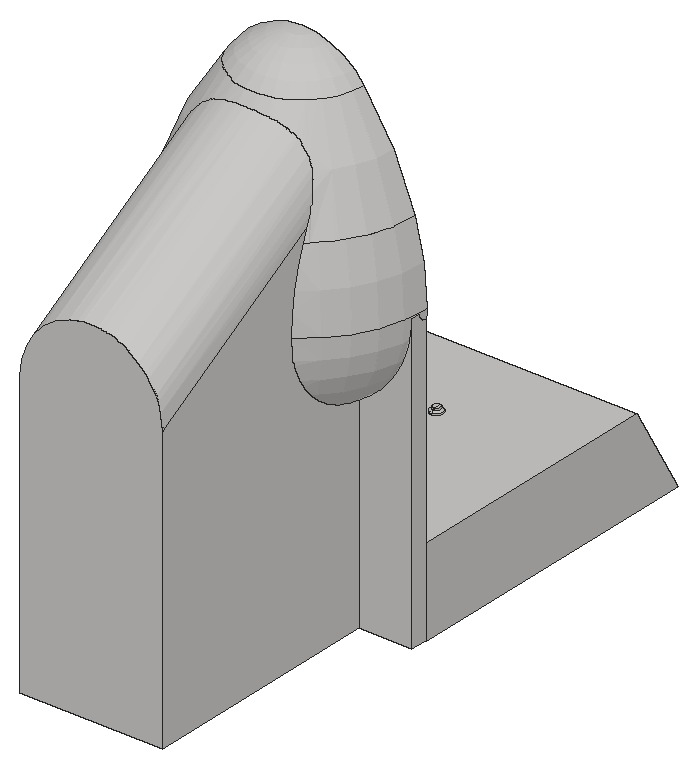
Revit family "LR3336-T-3", category Plumbing Fixtures, host Face, Revit 2018
Family settings
  Host = Face
  Round Connector Dimension = Use Diameter
  Part Type = Normal
  OmniClass Number = 23.45.05.21.11.11
  OmniClass Title = Water Operated Water Closets
  Cut with Voids When Loaded = No
  Shared = Yes
  Room Calculation Point = No
Parameters (values of type "LR3336-T-3")
  Width = 14 1/4"  # constant formula
  Waste Connection = yes
  Warranty Documentation Link = "www.acorneng.com/terms-and-conditions"
  WFU = 10
  W - Wall (Concealed) = no
  Voltage = 0
  Vent Connection = no
  URL = "www.acorneng.com"
  Type Comments = ""
  Tempered Water Connection = no
  TSC - Toilet Shipping Cover = no
  TF - Transformer, 120VAC to 24VAC (-MVCFV option) = no
  T - Top (Exposed) = yes
  Product Page URL = "https://www.acorneng.com/replacement-lig-res-siphon-jet-ss-toilet-lr3336-series"
  Product Documentation Link = "https://www.acorneng.com/uploads/fileLibrary/LR3336.pdf"
  Model = "LR3336-T-3"  # constant formula
  Material = Metal Acorn 304 Stainless Steel
  Manufacturer = "Acorn"  # constant formula
  MVCFV - Time-Trol Electronic FV (N/A for Top Supply) = no
  MTPFV - Master-Trol® PLUS Electronic Flush Valve (N/A for Top Supply) = no
  Length = 29"  # constant formula
  LR3336 - Ligature Resistant Siphon Jet Toilet (Rear Mounted Replacement) = yes
  Installation Type = "Wall Mounted"  # constant formula
  Inlet Diameter Connection = 1 1/2"  # constant formula
  Height = 15"  # constant formula
  HWFU = 0
  HW Connection = yes
  HPS - High Polish Integral Seat = no
  HET - High Efficiency Toilet Design = no
  FVT - Flush Valve Thru Wall Connection = no
  FVH - Flush Valve, Hydraulic (N/A for Top Supply) = no
  FVBO - Flush Valve by Others = no
  FV - Flush Valve, Mechanical (N/A for ADA) = no
  FTE - Flood-Trol, Electronic = no
  FTA - Flood-Trol Auto-Reset (N/A for Top Supply) = no
  FT - Flood-Trol (N/A for Top Supply) = no
  EVSFV - Master-Trol Flush Valve (N/A for Top Supply) = no
  EGE - Enviro-Glaze Color Specify Toilet Exterior Only = no
  EG - Enviro-Glaze Color Specify Toilet Interior & Exterior = no
  Description = "Ligature Resistant Siphon Jet Toilet- On The Floor Replacement"
  Default Elevation = 15"
  Creation Date = "4/02/20"  # constant formula
  Connection Size = 2 3/8"  # constant formula
  CWFU = 10
  CW Connection = yes
  CI - Cycle Interrupt for Time-Trol Valves = no
  Assembly Code = "D2010110"
  Amperage = 0
  ADA - 18" Integral Seat Height = no
  3395 - Anchoring Assembly = no
  3 - On-Floor, Floor Outlet = yes
  1.6 - GPF (Not Available in California) = no
  1.28 - GPF (HET) = no
Reference planes (in)
  plane 1 "Center (Front/Back)": y = 0
  plane 2: z = 0
  plane 3 "Center (Left/Right)": x = 0
  plane 4: y = -15
  plane 5: x = 0
  plane 6: z = 29
  plane 7: x = 7.125
  plane 8: x = -7.125
  plane 9: y = -1
  plane 10: z = -2.75
  plane 11: z = 2.75
  plane 12: z = 5
  plane 13: y = 17.875
  plane 14: y = 15
  plane 15: y = 9.60984
  plane 16: y = 3.75
  plane 17: y = -9.5
  plane 18: x = 4.75
  plane 19: y = 11.5
  plane 20: z = 0.03125
  plane 21: y = -14.96875
  plane 22: through (0, -14.99794, 20.50016) normal (0, 0.5, -0.866)
  plane 23: z = 10
  plane 24: z = 20.313
  plane 25: x = 4.063
  plane 26: x = -4.063
Forms (in)
  Revolve 1, solid, material "Metal Acorn 304 Stainless Steel" <- "Material"
    sketch origin (0, 0, 5.22285) x (0, 0, 1) y (1, 0, 0)
      loop
        arc (23.77518, 0) -> (23.24235, 1.99002) -> (21.9104, 3.56163) r 4.70501
        arc (21.9104, 3.56163) -> (19.20724, 5.25341) -> (16.25005, 6.44679) r 18.17867
        arc (16.25005, 6.44679) -> (14.01185, 6.95256) -> (11.72371, 7.125) r 15.62236
        arc (11.72371, 7.125) -> (8.08494, 5.94665) -> (5.83826, 2.85123) r 6.17476
        line (5.83826, 2.85123) -> (5.83826, 0) -> (23.77518, 0)
      axis (23.77518, 0) -> (5.83826, 0)
    angle from 0 to 180
  Revolve 2, void
    sketch origin (0, 0, 0) x (1, 0, 0) y (0, 0, 1)
      loop
        arc (1.65286, 26.13963) -> (0.96864, 26.90371) -> (0, 27.24091) r 2.05081
        line (0, 27.24091) -> (0, 13.45189)
        arc (0, 13.45189) -> (2.33411, 14.04523) -> (3.95651, 15.8251) r 4.192
        arc (3.95651, 15.8251) -> (4.49156, 17.85334) -> (4.23669, 19.93543) r 5.55736
        arc (4.23669, 19.93543) -> (3.07351, 23.09114) -> (1.65286, 26.13963) r 40.55651
      axis (0, 13.45189) -> (0, 27.24091)
    angle from 0 to 360
  Extrusion 3, solid, material "Metal Acorn 304 Stainless Steel" <- "Material"
    sketch origin (-14.37107, -32.5, 1.94576) x (1, 0, 0) y (0, 0, -1)
      loop
        line (7.25633, 1.94576) -> (7.25633, -14.9902) -> (7.29175, -14.9902)
        arc (7.29175, -14.9902) -> (14.33351, -9.25679) -> (21.43313, -14.9184) r 7.23626
        line (21.43313, -14.9184) -> (21.47799, -14.9184) -> (21.47799, 1.94576) -> (7.25633, 1.94576)
    from 31.5 to 32.5
  Extrusion 4, solid, material "Metal Acorn 304 Stainless Steel" <- "Material", visible <- "W - Wall (Concealed)"
    sketch origin (0, 0, 0) x (0, 1, 0) y (0, 0, 1)
      loop
        line (0, 3.7499) -> (0, 0) -> (3.7499, 0) -> (0, 3.7499)
    from -7.125 to 7.125
  Revolve 5, solid, material "Metal Acorn 304 Stainless Steel" <- "Material"
    sketch origin (0, 0, -0.125) x (0, 1, 0) y (0, 0, 1)
      loop
        line (0.40854, 2.875) -> (0, 2.875) -> (0, 1.875) -> (0.22395, 1.875) -> (0.22395, 2.04586) -> (0.28612, 2.04586) -> (0.28612, 2.29586) -> (0.40854, 2.29586) -> (0.40854, 2.875)
      axis (0.40854, 2.875) -> (0, 2.875)
    angle from 0 to 360
  Extrusion 6, solid, material "Metal Acorn 304 Stainless Steel" <- "Material", visible <- "T - Top (Exposed)"
    sketch origin (0, 0, 0) x (0, 1, 0) y (0, 0, 1)
      loop
        line (0, 0) -> (17.88675, 0) -> (15, 5) -> (0, 5) -> (0, 0)
    from -7.125 to 7.125
  Revolve 7, solid, material "Metal Acorn 304 Stainless Steel" <- "Material", visible <- "T - Top (Exposed)"
    sketch origin (0, 6.70099, 3.05319) x (0, 1, 0) y (0, 0, 1)
      loop
        line (2.90884, 2.19681) -> (2.90884, 1.94681) -> (3.26737, 1.94681) -> (3.26737, 1.99936) -> (3.12743, 2.12332) -> (3.12743, 2.19681) -> (2.90884, 2.19681)
      axis (2.90884, 2.19681) -> (2.90884, 1.94681)
    angle from 0 to 360
  Extrusion 8, solid, not visible
    sketch origin (0, 0, 0) x (1, 0, 0) y (0, 1, 0)
      loop
        circle (4.75, 11.5) r 0.5
    from 0 to 0.03125
  Extrusion 9, solid, not visible
    sketch origin (0, 0, 0) x (1, 0, 0) y (0, 0, 1)
      loop
        circle (0, 10) r 1.1875
    from 14.96875 to 15
  Blend 10, solid, material "Metal Acorn 304 Stainless Steel" <- "Material"
    base sketch origin (0, 0, 5.22285) x (0, 0, 1) y (1, 0, 0)
      loop
        line (18.96466, 4.063) -> (-5.22285, 4.063) -> (-5.22285, -4.063) -> (18.96466, -4.063)
        arc (18.96466, -4.063) -> (23.02766, 0) -> (18.96466, 4.063) r 4.063
    top sketch origin (0, 0, 5.22285) x (0, 0, 1) y (1, 0, 0)
      loop
        line (10.9638, 4.063) -> (-5.22285, 4.063) -> (-5.22285, -4.063) -> (10.9638, -4.063)
        arc (10.9638, -4.063) -> (15.0268, 0) -> (10.9638, 4.063) r 4.063
    from -1 to -15
Cuts and joins
  Revolve 2 cuts Revolve 1
  Revolve 2 cuts Blend 10
  joined: Revolve 1, Extrusion 3, Blend 10
  joined: Extrusion 6, Revolve 7
Lines and regions (in)
  Masking region 1
    outline origin (-14.37107, -32.5, 1.94576) x (1, 0, 0) y (0, 0, -1)
      loop
        line (21.47799, -14.22223) -> (21.47799, 1.94576) -> (7.25633, 1.94576) -> (7.25633, -15.5408)
        arc (7.25633, -15.5408) -> (7.46084, -17.55566) -> (7.92428, -19.52714) r 15.62236
        arc (7.92428, -19.52714) -> (9.11766, -22.48433) -> (10.80943, -25.18748) r 18.17867
        arc (10.80943, -25.18748) -> (12.38105, -26.51944) -> (14.37107, -27.05227) r 4.70501
        arc (14.37107, -27.05227) -> (16.36109, -26.51944) -> (17.9327, -25.18748) r 4.70501
        arc (17.9327, -25.18748) -> (19.62448, -22.48433) -> (20.81786, -19.52714) r 18.17867
        arc (20.81786, -19.52714) -> (21.37652, -16.90313) -> (21.47799, -14.22223) r 15.62236
  symbolic lines, detail levels medium+fine
    curve 1: arc (4.23669, -32.5, 19.93543) -> (3.07351, -32.5, 23.09114) -> (1.65286, -32.5, 26.13963) r 40.55651
    curve 2: arc (1.65286, -32.5, 26.13963) -> (0.96864, -32.5, 26.90371) -> (0, -32.5, 27.24091) r 2.05081
    curve 3: arc (0, -32.5, 27.24091) -> (-0.96864, -32.5, 26.90371) -> (-1.65286, -32.5, 26.13963) r 2.05081
    curve 4: arc (-1.65286, -32.5, 26.13963) -> (-3.07351, -32.5, 23.09114) -> (-4.23669, -32.5, 19.93543) r 40.55651
    curve 5: arc (-4.23669, -32.5, 19.93543) -> (-4.49156, -32.5, 17.85334) -> (-3.95651, -32.5, 15.8251) r 5.55736
    curve 6: arc (-3.95651, -32.5, 15.8251) -> (-2.33411, -32.5, 14.04523) -> (0, -32.5, 13.45189) r 4.192
    curve 7: arc (0, -32.5, 13.45189) -> (2.33411, -32.5, 14.04523) -> (3.95651, -32.5, 15.8251) r 4.192
    curve 8: arc (3.95651, -32.5, 15.8251) -> (4.49156, -32.5, 17.85334) -> (4.23669, -32.5, 19.93543) r 5.55736
  symbolic lines, visible <- "T - Top (Exposed)", detail levels medium+fine
    curve 9: line (7.125, -32.5, 5) -> (-7.125, -32.5, 5)
  symbolic lines, visible <- "W - Wall (Concealed)", detail levels medium+fine
    curve 10: line (7.125, -32.5, 3.7499) -> (-7.125, -32.5, 3.7499)
Dimensions and locks (in)
  Revolve 1 to plane 4 = 15"
  equal spacing: plane 7, plane 3 "Center (Left/Right)", plane 8
  plane 7 to plane 8 = 14 1/4"  (x2)
  locked: plane 13 to plane 1 "Center (Front/Back)" at 17.875
  locked: plane 14 to plane 1 "Center (Front/Back)" at 15
  locked: plane 12 to host face at 5
  plane 16 to plane 4 = 18 3/4"
  locked: plane 20 to level at 0.03125
  locked: plane 21 to plane 4 at 0.03125
  plane 23 to level = 10"
  plane 6 to host face = 29"
  plane 24 to host face = 20.313"  (x2)
  equal spacing: plane 26, plane 3 "Center (Left/Right)", plane 25
  plane 26 to plane 25 = 8.126"  (x2)
  plane 23 to host face = 10"
  "Connection Size": diameter of Extrusion 9 sketch curve
  angle Extrusion 6 sketch curve to Extrusion 6 sketch curve = 60.00°
  angle plane 21 to plane 22 = 60.00°
  aligned and locked: plane 2 to host face
  aligned and locked: level to host face
  aligned and locked: plane 5 to Revolve 1 sketch curve  (x2)
  aligned and locked: Extrusion 3 to plane 1 "Center (Front/Back)"
  aligned and locked: plane 12 to Extrusion 6 sketch curve
  aligned and locked: Extrusion 6 sketch curve to plane 1 "Center (Front/Back)"
  aligned and locked: plane 14 to Extrusion 6 sketch curve
  aligned and locked: host face to Extrusion 6 sketch curve
  aligned and locked: plane 3 "Center (Left/Right)" to Revolve 7
  aligned and locked: plane 3 "Center (Left/Right)" to Revolve 5
  aligned and locked: cut or joined group of Revolve 1, Revolve 2, Extrusion 3, Blend 10 to Masking region 1 sketch curve
  aligned and locked: Masking region 1 sketch curve to cut or joined group of Revolve 1, Revolve 2, Extrusion 3, Blend 10
  aligned and locked: host face to Masking region 1 sketch curve
  aligned and locked: Extrusion 8 to level
  aligned and locked: plane 20 to Extrusion 8
  aligned and locked: plane 4 to Extrusion 9
  aligned and locked: Extrusion 9 to plane 21
  aligned and locked: plane 4 to Blend 10
  aligned and locked: plane 9 to Blend 10
  aligned and locked: plane 23 to Extrusion 9 sketch curve
  aligned and locked: plane 3 "Center (Left/Right)" to Extrusion 9 sketch curve
Automatic sketch dimensions
  host sketch curve to host sketch curve = 96"  (x2)
  Revolve 1 sketch curve to plane 7 = 0"  (x2)
  Revolve 1 sketch curve to plane 11 = 8.31111"
  Revolve 1 sketch curve to plane 8 = 3.81766"
  Revolve 1 sketch curve to Revolve 1 sketch curve = 5.11361"
  Revolve 1 sketch curve to plane 8 = 1.37234"
  Revolve 1 sketch curve to Revolve 1 sketch curve = 0.74503"
  plane 3 "Center (Left/Right)" to Revolve 1 sketch curve = 0.95025"
  Revolve 1 sketch curve to Revolve 1 sketch curve = 5.87486"
  Revolve 1 sketch curve to plane 3 "Center (Left/Right)" = 0.19237"
  Revolve 1 sketch curve to plane 6 = 4.70305"
  Revolve 1 sketch curve to plane 6 = 0.00197"
  Revolve 1 sketch curve to Revolve 1 sketch curve = 0"
  plane 6 to Revolve 1 sketch curve = 2.23409"
  Revolve 1 sketch curve to Revolve 1 sketch curve = 2.07495"
  Revolve 2 sketch curve to plane 3 "Center (Left/Right)" = 0"  (x2)
  Revolve 2 sketch curve to plane 3 "Center (Left/Right)" = 0.1685"
  Revolve 2 sketch curve to plane 3 "Center (Left/Right)" = 1.05293"
  Revolve 2 sketch curve to plane 11 = 4.7489"
  Revolve 2 sketch curve to plane 8 = 27.24094"
  plane 3 "Center (Left/Right)" to Revolve 2 sketch curve = 0.17781"
  Revolve 2 sketch curve to plane 11 = 10.70189"
  Revolve 2 sketch curve to Revolve 2 sketch curve = 4.18823"
  Revolve 2 sketch curve to Revolve 2 sketch curve = 0.59116"
  Revolve 2 sketch curve to plane 6 = 3.80297"
  Revolve 2 sketch curve to plane 6 = 1.75909"
  Revolve 2 sketch curve to Revolve 2 sketch curve = 0"  (x2)
  plane 6 to Revolve 2 sketch curve = 1"
  Revolve 2 sketch curve to Revolve 2 sketch curve = 1"
  Extrusion 4 sketch curve to plane 1 "Center (Front/Back)" = 0"
  Extrusion 4 sketch curve to level = 0"
  Revolve 5 sketch curve to plane 1 "Center (Front/Back)" = 0"
  plane 11 to Revolve 5 sketch curve = 0"  (x2)
  Revolve 5 sketch curve to plane 1 "Center (Front/Back)" = 0.22395"
  Revolve 5 sketch curve to Revolve 5 sketch curve = 0.06217"
  Revolve 5 sketch curve to Revolve 5 sketch curve = 0.12242"
  plane 11 to Revolve 5 sketch curve = 0.57914"
  Revolve 5 sketch curve to Revolve 5 sketch curve = 1/4"
  Revolve 5 sketch curve to Revolve 5 sketch curve = 0.17086"
  Revolve 5 sketch curve to Revolve 5 sketch curve = 0.1698"
  Revolve 5 sketch curve to Revolve 5 sketch curve = 1 1/4"
  Revolve 7 sketch curve to plane 11 = 2 1/2"
  Revolve 7 sketch curve to plane 1 "Center (Front/Back)" = 9.60984"
  Revolve 7 sketch curve to Revolve 7 sketch curve = 0.21859"
  Revolve 7 sketch curve to Revolve 7 sketch curve = 0.13994"
  Revolve 7 sketch curve to Revolve 7 sketch curve = 0.07349"
  Revolve 7 sketch curve to Revolve 7 sketch curve = 0.12396"
  Revolve 7 sketch curve to Revolve 7 sketch curve = 0.05255"
  Revolve 7 sketch curve to Revolve 7 sketch curve = 0"
  Revolve 7 sketch curve to Revolve 7 sketch curve = 0.32834"
  Revolve 7 sketch curve to Revolve 7 sketch curve = 1 1/4"
  Extrusion 3 sketch curve to plane 7 = 0.01808"
  plane 8 to Extrusion 3 sketch curve = 0.04568"
  Extrusion 3 sketch curve to plane 3 "Center (Left/Right)" = 0.00081"
  Extrusion 3 sketch curve to plane 7 = 0.06293"
  Extrusion 3 sketch curve to plane 6 = 12.13584"
  Extrusion 3 sketch curve to Extrusion 3 sketch curve = 0.0718"
  plane 8 to Extrusion 3 sketch curve = 0.01026"
  Extrusion 3 sketch curve to level = 0"
  Masking region 1 sketch curve to plane 6 = 11.51344"
  plane 7 to Masking region 1 sketch curve = 1.37234"
  Masking region 1 sketch curve to Masking region 1 sketch curve = 0.75176"
  plane 8 to Masking region 1 sketch curve = 0.67821"
  Masking region 1 sketch curve to plane 8 = 1.37234"
  Masking region 1 sketch curve to Masking region 1 sketch curve = 0.5668"
  Masking region 1 sketch curve to plane 7 = 0.67821"
  Masking region 1 sketch curve to Masking region 1 sketch curve = 2 57/128"
  plane 3 "Center (Left/Right)" to Masking region 1 sketch curve = 3.56163"
  Masking region 1 sketch curve to Masking region 1 sketch curve = 0"  (x4)
  Masking region 1 sketch curve to plane 3 "Center (Left/Right)" = 0"
  Masking region 1 sketch curve to plane 3 "Center (Left/Right)" = 0.19237"
  plane 3 "Center (Left/Right)" to Masking region 1 sketch curve = 0.19237"
  Masking region 1 sketch curve to plane 6 = 1.86676"
  Masking region 1 sketch curve to Masking region 1 sketch curve = 3.83574"
  plane 16 to Extrusion 4 sketch curve = 0.0001"
  Extrusion 4 sketch curve to plane 11 = 0.9999"
  curve 9 to plane 8 = 0"
  curve 10 to plane 8 = 0"
  curve 7 to plane 3 "Center (Left/Right)" = 0"
  curve 3 to plane 3 "Center (Left/Right)" = 0"
  curve 10 to plane 7 = 0"
  curve 9 to plane 7 = 0"
  curve 1 to plane 11 = 4.7489"
  curve 1 to plane 8 = 27.24094"
  curve 8 to plane 3 "Center (Left/Right)" = 1.05293"
  curve 6 to plane 3 "Center (Left/Right)" = 0.17781"
  curve 2 to plane 3 "Center (Left/Right)" = 0.1685"
  plane 3 "Center (Left/Right)" to curve 3 = 0.1685"
  plane 3 "Center (Left/Right)" to curve 7 = 0.17781"
  plane 3 "Center (Left/Right)" to curve 5 = 1.05293"
  curve 4 to plane 11 = 4.7489"
  plane 7 to curve 4 = 27.24094"
  curve 7 to plane 6 = 11.35988"
  curve 6 to curve 7 = 0"
  curve 8 to curve 6 = 0.59116"
  curve 5 to curve 7 = 0.59116"
  curve 3 to plane 6 = 3.80297"
  curve 2 to curve 3 = 0"
  plane 8 to curve 4 = 2.88831"
  curve 5 to curve 4 = 0"
  curve 6 to curve 5 = 0"
  curve 3 to curve 4 = 0"
  curve 1 to curve 2 = 0"
  curve 8 to curve 7 = 0"
  curve 9 to plane 11 = 2 1/4"
  curve 10 to plane 11 = 0.9999"
  Extrusion 8 sketch curve to plane 18 = 0"
  plane 19 to Extrusion 8 sketch curve = 0"
  Blend 10 sketch curve to level = 0"  (x2)
  plane 26 to Blend 10 sketch curve = 0"  (x2)
  plane 25 to Blend 10 sketch curve = 0"  (x2)
  plane 24 to Blend 10 sketch curve = 3.87451"
  Blend 10 sketch curve to plane 24 = 4.12636"
  radius of Extrusion 8 sketch curve = 1/2"
Connectors (in)
  piping at (4.75, 11.5, 0), diameter 1.5, driven by "Inlet Diameter Connection", driven by "CWFU"
    settings: on Extrusion 8, index 2, connector inside diameter 24", connector length 0", flow factor 0, pipe flow 0 GPM, pressure drop 0.00 psi, fitting loss kfactor 0, connector angle 0.00°, fixture units 10, engagement length 0", angle of deflection 0.00°, flow configuration 3, flow direction 1, fitting loss method 0, system type 20, joint type 0, gender type 0, connector reference index -1, connector utility 0, adjustable connector no, is connector primary yes, connector description "1-1/2” NPT Flushing Inlet Connection"
  piping at (0, -15, 10), diameter 2.375, driven by "WFU", driven by "Connection Size"
    settings: on Extrusion 9, index 3, connector inside diameter 24", connector length 0", flow factor 0, pipe flow 0 GPM, pressure drop 0.00 psi, fitting loss kfactor 0, connector angle 0.00°, fixture units 10, engagement length 0", angle of deflection 0.00°, flow configuration 3, flow direction 2, fitting loss method 0, system type 16, joint type 0, gender type 0, connector reference index -1, connector utility 0, adjustable connector no, is connector primary no, connector description "2 3/8” OD With Gasketed Waste Connection"
